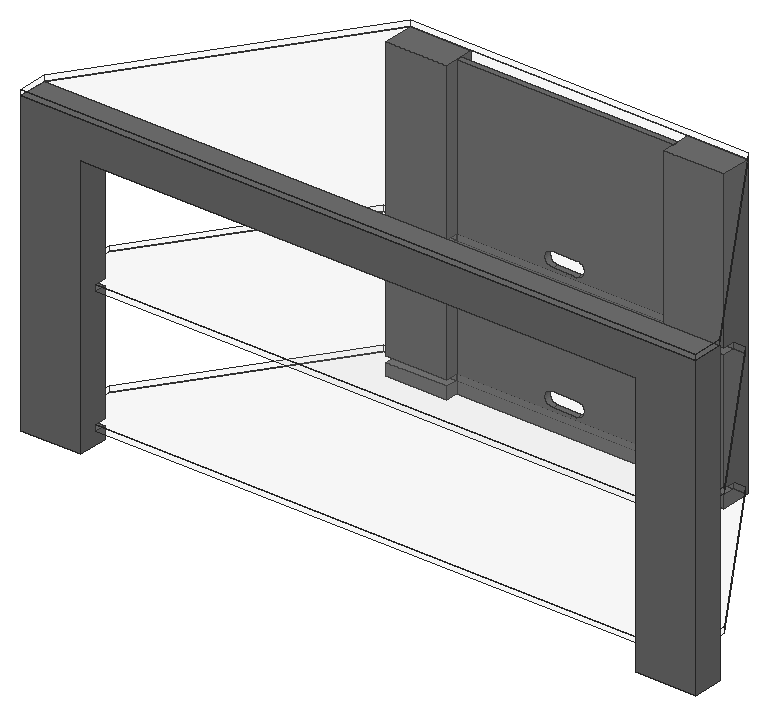
Revit family "TV Stand", category Furniture, Revit 2018
Family settings
  Work Plane-Based = No
  Always vertical = Yes
  Cut with Voids When Loaded = No
  Shared = No
  Room Calculation Point = No
Parameters
  Depth = 18"
  Width = 44"
  Height = 19 1/2"
  Finish = Melamine - Gray
Reference planes (in)
  plane 1 "Center (Front/Back)": y = 0
  plane 2: z = 0
  plane 3 "Center (Left/Right)": x = 4.92866
  plane 4: y = -18
  plane 5: x = -6.07134
  plane 6: x = 15.92866
  plane 7: x = -17.07134
  plane 8: x = 26.92866
  plane 9: z = 19.5
  plane 10: z = 8.9626
  plane 11: z = 0.7874
  plane 12: z = 17.1378
Forms (in)
  Extrusion 1, solid, material "Melamine - Gray" <- "Finish"
    sketch origin (58.50499, -18, 47.24409) x (1, 0, 0) y (0, 0, 1)
      loop
        line (-71.63932, -47.24409) -> (-71.63932, -30.1063) -> (-35.51334, -30.1063) -> (-35.51334, -47.24409) -> (-31.57633, -47.24409) -> (-31.57633, -27.74409) -> (-75.57633, -27.74409) -> (-75.57633, -47.24409) -> (-71.63932, -47.24409)
    from 0 to -1.9685
  Extrusion 2, solid, material "Melamine - Gray" <- "Finish"
    sketch origin (0, 0, 0) x (1, 0, 0) y (0, 1, 0)
      loop
        line (-6.07134, -1.9685) -> (-2.13433, -1.9685) -> (-2.13433, 0) -> (-6.07134, 0) -> (-6.07134, -1.9685)
      loop
        line (11.99165, -1.9685) -> (15.92866, -1.9685) -> (15.92866, 0) -> (11.99165, 0) -> (11.99165, -1.9685)
    from 0 to 19.5
  Extrusion 3, solid, material "Melamine - Gray"
    sketch origin (0, 0, 0) x (1, 0, 0) y (0, 0, 1)
      loop
        line (-2.13433, 0) -> (11.99165, 0) -> (11.99165, 19.5) -> (-2.13433, 19.5) -> (-2.13433, 0)
      loop
        line (4.14197, 9.55315) -> (5.71536, 9.55315)
        arc (5.71536, 9.55315) -> (6.20748, 10.04528) -> (5.71536, 10.5374) r 0.49213
        line (5.71536, 10.5374) -> (4.14197, 10.5374)
        arc (4.14197, 10.5374) -> (3.64984, 10.04528) -> (4.14197, 9.55315) r 0.49213
      loop
        line (4.14197, 1.37795) -> (5.71606, 1.37795)
        arc (5.71606, 1.37795) -> (6.20819, 1.87008) -> (5.71606, 2.3622) r 0.49213
        line (5.71606, 2.3622) -> (4.14197, 2.3622)
        arc (4.14197, 2.3622) -> (3.64984, 1.87008) -> (4.14197, 1.37795) r 0.49213
    from 0.7874 to 1.1811
  Extrusion 4, void
    sketch origin (47.21723, -60, 8.9626) x (-1, 0, 0) y (0, -1, 0)
      loop
        line (62.32006, -58.8189) -> (62.32006, -43.1811) -> (22.25707, -43.1811) -> (22.25707, -58.8189) -> (62.32006, -58.8189)
    from 0 to 0.3937
  Extrusion 5, solid, material "Glass - Shelves"
    sketch origin (47.21723, -60, 8.9626) x (0, -1, 0) y (-1, 0, 0)
      loop
        line (-58.8189, 54.09898) -> (-58.8189, 30.47815) -> (-46.83742, 22.25707) -> (-43.1811, 22.25707) -> (-43.1811, 62.32006) -> (-46.83742, 62.32006) -> (-58.8189, 54.09898)
    from 0 to -0.3937
  Extrusion 6, solid, material "Glass - Shelves"
    sketch origin (56.98226, -60, 19.5) x (0, -1, 0) y (-1, 0, 0)
      loop
        line (-60, 63.0536) -> (-60, 41.0536) -> (-43.9685, 30.0536) -> (-42, 30.0536) -> (-42, 74.0536) -> (-43.9685, 74.0536) -> (-60, 63.0536)
    from 0 to -0.3937
  Extrusion 7, void
    sketch origin (47.21723, -60, 0.7874) x (-1, 0, 0) y (0, -1, 0)
      loop
        line (62.32006, -58.8189) -> (62.32006, -43.1811) -> (22.25707, -43.1811) -> (22.25707, -58.8189) -> (62.32006, -58.8189)
    from 0 to 0.3937
  Extrusion 8, solid, material "Glass - Shelves"
    sketch origin (47.21723, -60, 0.7874) x (0, -1, 0) y (-1, 0, 0)
      loop
        line (-58.8189, 54.09898) -> (-58.8189, 30.47815) -> (-46.83742, 22.25707) -> (-43.1811, 22.25707) -> (-43.1811, 62.32006) -> (-46.83742, 62.32006) -> (-58.8189, 54.09898)
    from 0 to -0.3937
Cuts and joins
  Extrusion 4, Extrusion 7 cuts Extrusion 1
  Extrusion 4, Extrusion 7 cuts Extrusion 2
  Extrusion 7 cuts Extrusion 5
Lines and regions (in)
  model lines
    curve 1: line (-17.07134, -18, 19.5) -> (-13.13433, -18, 17.1378)
    curve 2: line (26.92866, -18, 19.5) -> (22.99165, -18, 17.1378)
Dimensions and locks (in)
  equal spacing: plane 7, plane 5, plane 3 "Center (Left/Right)", plane 6, plane 8
  "Width": plane 7 to plane 8
  locked: Extrusion 1 sketch curve to plane 7 at 3.93701
  locked: plane 8 to Extrusion 1 sketch curve at 3.93701
  locked: plane 9 to Extrusion 1 sketch curve at 2.3622
  locked: plane 5 to Extrusion 2 sketch curve at 3.93701
  locked: Extrusion 2 sketch curve to plane 6 at 3.93701
  locked: Extrusion 2 sketch curve to plane 1 "Center (Front/Back)" at 1.9685
  equal spacing: plane 12, plane 10, plane 11
  locked: plane 5 to Extrusion 3 sketch curve at 3.93701
  locked: Extrusion 3 sketch curve to plane 6 at 3.93701
  locked: plane 11 to plane 2 at 0.7874
  Extrusion 3 sketch curve to plane 3 "Center (Left/Right)" to Extrusion 3 sketch curve = 0.7867" locked, 0.7867" locked
  locked: Extrusion 3 sketch curve to plane 10 at 0.59055
  locked: Extrusion 3 sketch curve to Extrusion 3 sketch curve at 0.98425  (x2)
  locked: Extrusion 3 sketch curve to plane 11 at 0.59055
  Extrusion 3 sketch curve to plane 3 "Center (Left/Right)" to Extrusion 3 sketch curve = 0.7874" locked, 0.7867" locked
  locked: plane 9 to plane 12 at 2.3622
  locked: plane 4 to Extrusion 4 sketch curve at 1.1811
  locked: plane 7 to Extrusion 4 sketch curve at 1.9685
  locked: Extrusion 4 sketch curve to plane 8 at 1.9685
  locked: Extrusion 4 sketch curve to plane 1 "Center (Front/Back)" at 1.1811
  locked: Extrusion 5 sketch curve to plane 1 "Center (Front/Back)" at 1.1811
  locked: plane 4 to Extrusion 5 sketch curve at 1.1811
  locked: plane 7 to Extrusion 5 sketch curve at 1.9685
  locked: Extrusion 5 sketch curve to plane 8 at 1.9685
  locked: plane 4 to Extrusion 7 sketch curve at 1.1811
  locked: Extrusion 7 sketch curve to plane 1 "Center (Front/Back)" at 1.1811
  locked: plane 7 to Extrusion 7 sketch curve at 1.9685
  locked: Extrusion 7 sketch curve to plane 8 at 1.9685
  locked: plane 4 to Extrusion 8 sketch curve at 1.1811
  locked: Extrusion 8 sketch curve to plane 1 "Center (Front/Back)" at 1.1811
  locked: plane 7 to Extrusion 8 sketch curve at 1.9685
  locked: Extrusion 8 sketch curve to plane 8 at 1.9685
  "Height": plane 9 to plane 2
  "Depth": plane 4 to plane 1 "Center (Front/Back)"
  aligned and locked: plane 7 to Extrusion 1 sketch curve
  aligned and locked: plane 9 to Extrusion 1 sketch curve
  aligned and locked: Extrusion 1 sketch curve to plane 8
  aligned and locked: plane 2 to Extrusion 1 sketch curve  (x2)
  aligned and locked: Extrusion 2 sketch curve to Extrusion 2 sketch curve  (x2)
  aligned and locked: Extrusion 2 sketch curve to plane 1 "Center (Front/Back)"
  aligned and locked: plane 5 to Extrusion 2 sketch curve
  aligned and locked: Extrusion 2 sketch curve to plane 6
  aligned and locked: Extrusion 2 to plane 9
  aligned and locked: Extrusion 3 sketch curve to plane 9
  aligned and locked: Extrusion 3 sketch curve to plane 2
  aligned and locked: Extrusion 6 sketch curve to plane 4
  aligned and locked: plane 7 to Extrusion 6 sketch curve
  aligned and locked: plane 1 "Center (Front/Back)" to Extrusion 6 sketch curve
  aligned and locked: Extrusion 6 sketch curve to plane 8
  aligned and locked: Extrusion 6 to Extrusion 5 sketch curve  (x2)
  aligned and locked: Extrusion 6 to Extrusion 8 sketch curve  (x2)
Automatic sketch dimensions
  curve 1 to plane 7 = 0"
  curve 2 to plane 8 = 0"
  curve 2 to plane 9 = 0"
  curve 1 to plane 9 = 0"
  plane 7 to curve 1 = 3.93701"
  curve 2 to plane 8 = 3.93701"
  plane 9 to curve 2 = 2.3622"
  plane 9 to curve 1 = 2.3622"
  Extrusion 6 sketch curve to plane 5 = 0"
  Extrusion 6 sketch curve to plane 6 = 0"
  Extrusion 6 sketch curve to plane 4 = 1.9685"  (x2)
